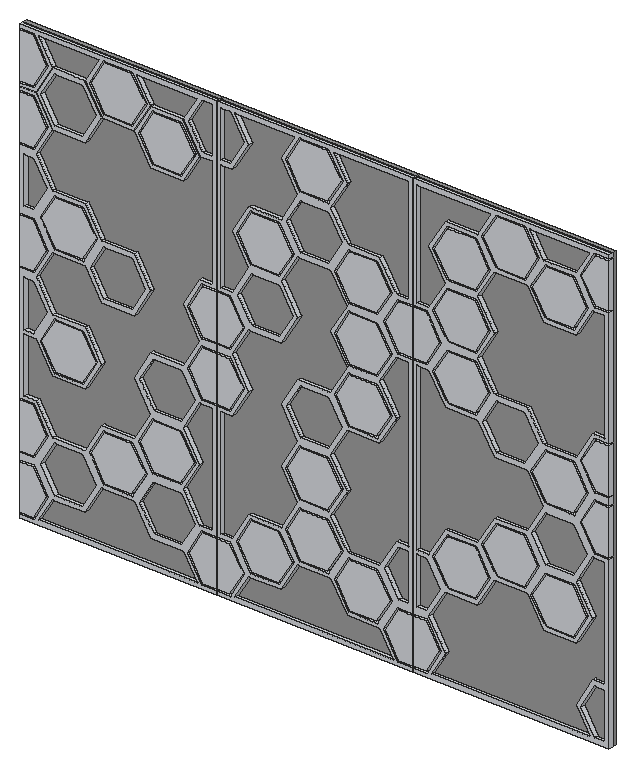
Revit family "SUR-PGL-018_HEX LATTICE_RFA", category Modelos genéricos, Revit 2022 (continued)
Forms (in)
  Extrusion 236, solid, not visible
    sketch origin (0.11662, 0.00149, -1.20924) x (0, 1, 0) y (0, 0, -1)
      loop
        line (0.96881, 1.14538) -> (0.96881, -1.85462) -> (0.65631, -1.85462) -> (0.65631, -2.35462) -> (0.96881, -2.35462) -> (3.48948, -2.35462) -> (3.48948, -0.60462) -> (4.19814, -0.60462) -> (4.19814, -2.35462) -> (9.23948, -2.35462) -> (9.23948, -0.60462) -> (9.94814, -0.60462) -> (9.94814, -2.35462) -> (14.98948, -2.35462) -> (14.98948, -0.60462) -> (15.69814, -0.60462) -> (15.69814, -2.35462) -> (20.73948, -2.35462) -> (20.73948, -0.60462) -> (21.44814, -0.60462) -> (21.44814, -2.35462) -> (24.28131, -2.35462) -> (24.28131, -1.85462) -> (23.96881, -1.85462) -> (23.96881, 1.14538) -> (0.96881, 1.14538)
    from -3.96341 to -3.49097
  Extrusion 237, solid, not visible
    sketch origin (-0.00149, 0.00149, -1.20924) x (0, 1, 0) y (0, 0, -1)
      loop
        line (0.96881, 1.14538) -> (0.96881, -1.85462) -> (0.65631, -1.85462) -> (0.65631, -2.35462) -> (0.96881, -2.35462) -> (3.48948, -2.35462) -> (3.48948, -0.60462) -> (4.19814, -0.60462) -> (4.19814, -2.35462) -> (9.23948, -2.35462) -> (9.23948, -0.60462) -> (9.94814, -0.60462) -> (9.94814, -2.35462) -> (14.98948, -2.35462) -> (14.98948, -0.60462) -> (15.69814, -0.60462) -> (15.69814, -2.35462) -> (20.73948, -2.35462) -> (20.73948, -0.60462) -> (21.44814, -0.60462) -> (21.44814, -2.35462) -> (24.28131, -2.35462) -> (24.28131, -1.85462) -> (23.96881, -1.85462) -> (23.96881, 1.14538) -> (0.96881, 1.14538)
    from -4.19963 to -4.08152
  Extrusion 238, solid, not visible
    sketch origin (0, 0, 0) x (1, 0, 0) y (0, 0, 1)
      loop
        line (0.96881, 0.64538) -> (0.96881, -2.35462) -> (3.48948, -2.35462) -> (3.48948, -0.60462) -> (4.19814, -0.60462) -> (4.19814, -2.35462) -> (9.23948, -2.35462) -> (9.23948, -0.60462) -> (9.94814, -0.60462) -> (9.94814, -2.35462) -> (14.98948, -2.35462) -> (14.98948, -0.60462) -> (15.69814, -0.60462) -> (15.69814, -2.35462) -> (20.73948, -2.35462) -> (20.73948, -0.60462) -> (21.44814, -0.60462) -> (21.44814, -2.35462) -> (23.96881, -2.35462) -> (23.96881, 0.64538) -> (24.28131, 0.64538) -> (24.28131, 1.14538) -> (0.65631, 1.14538) -> (0.65631, 0.64538) -> (0.96881, 0.64538)
    from -3.60908 to -3.49097
  Extrusion 239, solid, not visible
    sketch origin (0, 0, 0) x (1, 0, 0) y (0, 0, 1)
      loop
        line (0.96881, 0.64538) -> (0.96881, -2.35462) -> (3.48948, -2.35462) -> (3.48948, -0.60462) -> (4.19814, -0.60462) -> (4.19814, -2.35462) -> (9.23948, -2.35462) -> (9.23948, -0.60462) -> (9.94814, -0.60462) -> (9.94814, -2.35462) -> (14.98948, -2.35462) -> (14.98948, -0.60462) -> (15.69814, -0.60462) -> (15.69814, -2.35462) -> (20.73948, -2.35462) -> (20.73948, -0.60462) -> (21.44814, -0.60462) -> (21.44814, -2.35462) -> (23.96881, -2.35462) -> (23.96881, 0.64538) -> (24.28131, 0.64538) -> (24.28131, 1.14538) -> (0.65631, 1.14538) -> (0.65631, 0.64538) -> (0.96881, 0.64538)
    from -4.08152 to -3.60908
  Extrusion 240, solid, not visible
    sketch origin (0, 0, 0) x (1, 0, 0) y (0, 0, 1)
      loop
        line (0.96881, 0.64538) -> (0.96881, -2.35462) -> (3.48948, -2.35462) -> (3.48948, -0.60462) -> (4.19814, -0.60462) -> (4.19814, -2.35462) -> (9.23948, -2.35462) -> (9.23948, -0.60462) -> (9.94814, -0.60462) -> (9.94814, -2.35462) -> (14.98948, -2.35462) -> (14.98948, -0.60462) -> (15.69814, -0.60462) -> (15.69814, -2.35462) -> (20.73948, -2.35462) -> (20.73948, -0.60462) -> (21.44814, -0.60462) -> (21.44814, -2.35462) -> (23.96881, -2.35462) -> (23.96881, 0.64538) -> (24.28131, 0.64538) -> (24.28131, 1.14538) -> (0.65631, 1.14538) -> (0.65631, 0.64538) -> (0.96881, 0.64538)
    from -4.19963 to -4.08152
  Extrusion 241, solid, not visible
    sketch origin (0, 0, 0) x (1, 0, 0) y (0, 0, 1)
      loop
        line (0.96881, 0.64538) -> (0.96881, -2.35462) -> (3.48948, -2.35462) -> (3.48948, -0.60462) -> (4.19814, -0.60462) -> (4.19814, -2.35462) -> (9.23948, -2.35462) -> (9.23948, -0.60462) -> (9.94814, -0.60462) -> (9.94814, -2.35462) -> (14.98948, -2.35462) -> (14.98948, -0.60462) -> (15.69814, -0.60462) -> (15.69814, -2.35462) -> (20.73948, -2.35462) -> (20.73948, -0.60462) -> (21.44814, -0.60462) -> (21.44814, -2.35462) -> (23.96881, -2.35462) -> (23.96881, 0.64538) -> (24.28131, 0.64538) -> (24.28131, 1.14538) -> (0.65631, 1.14538) -> (0.65631, 0.64538) -> (0.96881, 0.64538)
    from -9.94963 to -9.83152
  Extrusion 242, solid, not visible
    sketch origin (0, 0, 0) x (1, 0, 0) y (0, 0, 1)
      loop
        line (0.96881, 0.64538) -> (0.96881, -2.35462) -> (3.48948, -2.35462) -> (3.48948, -0.60462) -> (4.19814, -0.60462) -> (4.19814, -2.35462) -> (9.23948, -2.35462) -> (9.23948, -0.60462) -> (9.94814, -0.60462) -> (9.94814, -2.35462) -> (14.98948, -2.35462) -> (14.98948, -0.60462) -> (15.69814, -0.60462) -> (15.69814, -2.35462) -> (20.73948, -2.35462) -> (20.73948, -0.60462) -> (21.44814, -0.60462) -> (21.44814, -2.35462) -> (23.96881, -2.35462) -> (23.96881, 0.64538) -> (24.28131, 0.64538) -> (24.28131, 1.14538) -> (0.65631, 1.14538) -> (0.65631, 0.64538) -> (0.96881, 0.64538)
    from -9.35908 to -9.24097
  Extrusion 243, solid, not visible
    sketch origin (0, 0, 0) x (1, 0, 0) y (0, 0, 1)
      loop
        line (0.96881, 0.64538) -> (0.96881, -2.35462) -> (3.48948, -2.35462) -> (3.48948, -0.60462) -> (4.19814, -0.60462) -> (4.19814, -2.35462) -> (9.23948, -2.35462) -> (9.23948, -0.60462) -> (9.94814, -0.60462) -> (9.94814, -2.35462) -> (14.98948, -2.35462) -> (14.98948, -0.60462) -> (15.69814, -0.60462) -> (15.69814, -2.35462) -> (20.73948, -2.35462) -> (20.73948, -0.60462) -> (21.44814, -0.60462) -> (21.44814, -2.35462) -> (23.96881, -2.35462) -> (23.96881, 0.64538) -> (24.28131, 0.64538) -> (24.28131, 1.14538) -> (0.65631, 1.14538) -> (0.65631, 0.64538) -> (0.96881, 0.64538)
    from -9.83152 to -9.35908
  Extrusion 244, solid, not visible
    sketch origin (0, 0, 0) x (1, 0, 0) y (0, 0, 1)
      loop
        line (0.96881, 0.64538) -> (0.96881, -2.35462) -> (3.48948, -2.35462) -> (3.48948, -0.60462) -> (4.19814, -0.60462) -> (4.19814, -2.35462) -> (9.23948, -2.35462) -> (9.23948, -0.60462) -> (9.94814, -0.60462) -> (9.94814, -2.35462) -> (14.98948, -2.35462) -> (14.98948, -0.60462) -> (15.69814, -0.60462) -> (15.69814, -2.35462) -> (20.73948, -2.35462) -> (20.73948, -0.60462) -> (21.44814, -0.60462) -> (21.44814, -2.35462) -> (23.96881, -2.35462) -> (23.96881, 0.64538) -> (24.28131, 0.64538) -> (24.28131, 1.14538) -> (0.65631, 1.14538) -> (0.65631, 0.64538) -> (0.96881, 0.64538)
    from -15.69963 to -15.58152
  Extrusion 245, solid, not visible
    sketch origin (0, 0, 0) x (1, 0, 0) y (0, 0, 1)
      loop
        line (0.96881, 0.64538) -> (0.96881, -2.35462) -> (3.48948, -2.35462) -> (3.48948, -0.60462) -> (4.19814, -0.60462) -> (4.19814, -2.35462) -> (9.23948, -2.35462) -> (9.23948, -0.60462) -> (9.94814, -0.60462) -> (9.94814, -2.35462) -> (14.98948, -2.35462) -> (14.98948, -0.60462) -> (15.69814, -0.60462) -> (15.69814, -2.35462) -> (20.73948, -2.35462) -> (20.73948, -0.60462) -> (21.44814, -0.60462) -> (21.44814, -2.35462) -> (23.96881, -2.35462) -> (23.96881, 0.64538) -> (24.28131, 0.64538) -> (24.28131, 1.14538) -> (0.65631, 1.14538) -> (0.65631, 0.64538) -> (0.96881, 0.64538)
    from -15.10908 to -14.99097
  Extrusion 246, solid, not visible
    sketch origin (0, 0, 0) x (1, 0, 0) y (0, 0, 1)
      loop
        line (0.96881, 0.64538) -> (0.96881, -2.35462) -> (3.48948, -2.35462) -> (3.48948, -0.60462) -> (4.19814, -0.60462) -> (4.19814, -2.35462) -> (9.23948, -2.35462) -> (9.23948, -0.60462) -> (9.94814, -0.60462) -> (9.94814, -2.35462) -> (14.98948, -2.35462) -> (14.98948, -0.60462) -> (15.69814, -0.60462) -> (15.69814, -2.35462) -> (20.73948, -2.35462) -> (20.73948, -0.60462) -> (21.44814, -0.60462) -> (21.44814, -2.35462) -> (23.96881, -2.35462) -> (23.96881, 0.64538) -> (24.28131, 0.64538) -> (24.28131, 1.14538) -> (0.65631, 1.14538) -> (0.65631, 0.64538) -> (0.96881, 0.64538)
    from -15.58152 to -15.10908
  Extrusion 247, solid, not visible
    sketch origin (0, 0, 0) x (1, 0, 0) y (0, 0, 1)
      loop
        line (0.96881, 0.64538) -> (0.96881, -2.35462) -> (3.48948, -2.35462) -> (3.48948, -0.60462) -> (4.19814, -0.60462) -> (4.19814, -2.35462) -> (9.23948, -2.35462) -> (9.23948, -0.60462) -> (9.94814, -0.60462) -> (9.94814, -2.35462) -> (14.98948, -2.35462) -> (14.98948, -0.60462) -> (15.69814, -0.60462) -> (15.69814, -2.35462) -> (20.73948, -2.35462) -> (20.73948, -0.60462) -> (21.44814, -0.60462) -> (21.44814, -2.35462) -> (23.96881, -2.35462) -> (23.96881, 0.64538) -> (24.28131, 0.64538) -> (24.28131, 1.14538) -> (0.65631, 1.14538) -> (0.65631, 0.64538) -> (0.96881, 0.64538)
    from -21.44963 to -21.33152
  Extrusion 248, solid, not visible
    sketch origin (0, 0, 0) x (1, 0, 0) y (0, 0, 1)
      loop
        line (0.96881, 0.64538) -> (0.96881, -2.35462) -> (3.48948, -2.35462) -> (3.48948, -0.60462) -> (4.19814, -0.60462) -> (4.19814, -2.35462) -> (9.23948, -2.35462) -> (9.23948, -0.60462) -> (9.94814, -0.60462) -> (9.94814, -2.35462) -> (14.98948, -2.35462) -> (14.98948, -0.60462) -> (15.69814, -0.60462) -> (15.69814, -2.35462) -> (20.73948, -2.35462) -> (20.73948, -0.60462) -> (21.44814, -0.60462) -> (21.44814, -2.35462) -> (23.96881, -2.35462) -> (23.96881, 0.64538) -> (24.28131, 0.64538) -> (24.28131, 1.14538) -> (0.65631, 1.14538) -> (0.65631, 0.64538) -> (0.96881, 0.64538)
    from -20.85908 to -20.74097
  Extrusion 249, solid, not visible
    sketch origin (0, 0, 0) x (1, 0, 0) y (0, 0, 1)
      loop
        line (0.96881, 0.64538) -> (0.96881, -2.35462) -> (3.48948, -2.35462) -> (3.48948, -0.60462) -> (4.19814, -0.60462) -> (4.19814, -2.35462) -> (9.23948, -2.35462) -> (9.23948, -0.60462) -> (9.94814, -0.60462) -> (9.94814, -2.35462) -> (14.98948, -2.35462) -> (14.98948, -0.60462) -> (15.69814, -0.60462) -> (15.69814, -2.35462) -> (20.73948, -2.35462) -> (20.73948, -0.60462) -> (21.44814, -0.60462) -> (21.44814, -2.35462) -> (23.96881, -2.35462) -> (23.96881, 0.64538) -> (24.28131, 0.64538) -> (24.28131, 1.14538) -> (0.65631, 1.14538) -> (0.65631, 0.64538) -> (0.96881, 0.64538)
    from -21.33152 to -20.85908
  Extrusion 250, solid, not visible
    sketch origin (-0.00149, 0.00149, -1.20924) x (0, 1, 0) y (0, 0, -1)
      loop
        line (0.96881, 1.14538) -> (0.96881, -1.85462) -> (0.65631, -1.85462) -> (0.65631, -2.35462) -> (0.96881, -2.35462) -> (3.48948, -2.35462) -> (3.48948, -0.60462) -> (4.19814, -0.60462) -> (4.19814, -2.35462) -> (9.23948, -2.35462) -> (9.23948, -0.60462) -> (9.94814, -0.60462) -> (9.94814, -2.35462) -> (14.98948, -2.35462) -> (14.98948, -0.60462) -> (15.69814, -0.60462) -> (15.69814, -2.35462) -> (20.73948, -2.35462) -> (20.73948, -0.60462) -> (21.44814, -0.60462) -> (21.44814, -2.35462) -> (24.28131, -2.35462) -> (24.28131, -1.85462) -> (23.96881, -1.85462) -> (23.96881, 1.14538) -> (0.96881, 1.14538)
    from -3.60908 to -3.49097
  Extrusion 251, solid, not visible
    sketch origin (0.11662, 0.00149, -1.20924) x (0, 1, 0) y (0, 0, -1)
      loop
        line (0.96881, 1.14538) -> (0.96881, -1.85462) -> (0.65631, -1.85462) -> (0.65631, -2.35462) -> (0.96881, -2.35462) -> (3.48948, -2.35462) -> (3.48948, -0.60462) -> (4.19814, -0.60462) -> (4.19814, -2.35462) -> (9.23948, -2.35462) -> (9.23948, -0.60462) -> (9.94814, -0.60462) -> (9.94814, -2.35462) -> (14.98948, -2.35462) -> (14.98948, -0.60462) -> (15.69814, -0.60462) -> (15.69814, -2.35462) -> (20.73948, -2.35462) -> (20.73948, -0.60462) -> (21.44814, -0.60462) -> (21.44814, -2.35462) -> (24.28131, -2.35462) -> (24.28131, -1.85462) -> (23.96881, -1.85462) -> (23.96881, 1.14538) -> (0.96881, 1.14538)
    from -3.96341 to -3.49097
  Extrusion 252, solid, not visible
    sketch origin (-0.00149, 0.00149, -1.20924) x (0, 1, 0) y (0, 0, -1)
      loop
        line (0.96881, 1.14538) -> (0.96881, -1.85462) -> (0.65631, -1.85462) -> (0.65631, -2.35462) -> (0.96881, -2.35462) -> (3.48948, -2.35462) -> (3.48948, -0.60462) -> (4.19814, -0.60462) -> (4.19814, -2.35462) -> (9.23948, -2.35462) -> (9.23948, -0.60462) -> (9.94814, -0.60462) -> (9.94814, -2.35462) -> (14.98948, -2.35462) -> (14.98948, -0.60462) -> (15.69814, -0.60462) -> (15.69814, -2.35462) -> (20.73948, -2.35462) -> (20.73948, -0.60462) -> (21.44814, -0.60462) -> (21.44814, -2.35462) -> (24.28131, -2.35462) -> (24.28131, -1.85462) -> (23.96881, -1.85462) -> (23.96881, 1.14538) -> (0.96881, 1.14538)
    from -4.19963 to -4.08152
  Extrusion 253, solid, not visible
    sketch origin (5.74851, 0.00149, -1.20924) x (0, 1, 0) y (0, 0, -1)
      loop
        line (0.96881, 1.14538) -> (0.96881, -1.85462) -> (0.65631, -1.85462) -> (0.65631, -2.35462) -> (0.96881, -2.35462) -> (3.48948, -2.35462) -> (3.48948, -0.60462) -> (4.19814, -0.60462) -> (4.19814, -2.35462) -> (9.23948, -2.35462) -> (9.23948, -0.60462) -> (9.94814, -0.60462) -> (9.94814, -2.35462) -> (14.98948, -2.35462) -> (14.98948, -0.60462) -> (15.69814, -0.60462) -> (15.69814, -2.35462) -> (20.73948, -2.35462) -> (20.73948, -0.60462) -> (21.44814, -0.60462) -> (21.44814, -2.35462) -> (24.28131, -2.35462) -> (24.28131, -1.85462) -> (23.96881, -1.85462) -> (23.96881, 1.14538) -> (0.96881, 1.14538)
    from -4.19963 to -4.08152
  Extrusion 254, solid, not visible
    sketch origin (5.15796, 0.00149, -1.20924) x (0, 1, 0) y (0, 0, -1)
      loop
        line (0.96881, 1.14538) -> (0.96881, -1.85462) -> (0.65631, -1.85462) -> (0.65631, -2.35462) -> (0.96881, -2.35462) -> (3.48948, -2.35462) -> (3.48948, -0.60462) -> (4.19814, -0.60462) -> (4.19814, -2.35462) -> (9.23948, -2.35462) -> (9.23948, -0.60462) -> (9.94814, -0.60462) -> (9.94814, -2.35462) -> (14.98948, -2.35462) -> (14.98948, -0.60462) -> (15.69814, -0.60462) -> (15.69814, -2.35462) -> (20.73948, -2.35462) -> (20.73948, -0.60462) -> (21.44814, -0.60462) -> (21.44814, -2.35462) -> (24.28131, -2.35462) -> (24.28131, -1.85462) -> (23.96881, -1.85462) -> (23.96881, 1.14538) -> (0.96881, 1.14538)
    from -4.19963 to -4.08152
  Extrusion 255, solid, not visible
    sketch origin (11.49851, 0.00149, -1.20924) x (0, 1, 0) y (0, 0, -1)
      loop
        line (0.96881, 1.14538) -> (0.96881, -1.85462) -> (0.65631, -1.85462) -> (0.65631, -2.35462) -> (0.96881, -2.35462) -> (3.48948, -2.35462) -> (3.48948, -0.60462) -> (4.19814, -0.60462) -> (4.19814, -2.35462) -> (9.23948, -2.35462) -> (9.23948, -0.60462) -> (9.94814, -0.60462) -> (9.94814, -2.35462) -> (14.98948, -2.35462) -> (14.98948, -0.60462) -> (15.69814, -0.60462) -> (15.69814, -2.35462) -> (20.73948, -2.35462) -> (20.73948, -0.60462) -> (21.44814, -0.60462) -> (21.44814, -2.35462) -> (24.28131, -2.35462) -> (24.28131, -1.85462) -> (23.96881, -1.85462) -> (23.96881, 1.14538) -> (0.96881, 1.14538)
    from -4.19963 to -4.08152
  Extrusion 256, solid, not visible
    sketch origin (10.90796, 0.00149, -1.20924) x (0, 1, 0) y (0, 0, -1)
      loop
        line (0.96881, 1.14538) -> (0.96881, -1.85462) -> (0.65631, -1.85462) -> (0.65631, -2.35462) -> (0.96881, -2.35462) -> (3.48948, -2.35462) -> (3.48948, -0.60462) -> (4.19814, -0.60462) -> (4.19814, -2.35462) -> (9.23948, -2.35462) -> (9.23948, -0.60462) -> (9.94814, -0.60462) -> (9.94814, -2.35462) -> (14.98948, -2.35462) -> (14.98948, -0.60462) -> (15.69814, -0.60462) -> (15.69814, -2.35462) -> (20.73948, -2.35462) -> (20.73948, -0.60462) -> (21.44814, -0.60462) -> (21.44814, -2.35462) -> (24.28131, -2.35462) -> (24.28131, -1.85462) -> (23.96881, -1.85462) -> (23.96881, 1.14538) -> (0.96881, 1.14538)
    from -4.19963 to -4.08152
  Extrusion 257, solid, not visible
    sketch origin (16.65796, 0.00149, -1.20924) x (0, 1, 0) y (0, 0, -1)
      loop
        line (0.96881, 1.14538) -> (0.96881, -1.85462) -> (0.65631, -1.85462) -> (0.65631, -2.35462) -> (0.96881, -2.35462) -> (3.48948, -2.35462) -> (3.48948, -0.60462) -> (4.19814, -0.60462) -> (4.19814, -2.35462) -> (9.23948, -2.35462) -> (9.23948, -0.60462) -> (9.94814, -0.60462) -> (9.94814, -2.35462) -> (14.98948, -2.35462) -> (14.98948, -0.60462) -> (15.69814, -0.60462) -> (15.69814, -2.35462) -> (20.73948, -2.35462) -> (20.73948, -0.60462) -> (21.44814, -0.60462) -> (21.44814, -2.35462) -> (24.28131, -2.35462) -> (24.28131, -1.85462) -> (23.96881, -1.85462) -> (23.96881, 1.14538) -> (0.96881, 1.14538)
    from -4.19963 to -4.08152
  Extrusion 258, solid, not visible
    sketch origin (17.24851, 0.00149, -1.20924) x (0, 1, 0) y (0, 0, -1)
      loop
        line (0.96881, 1.14538) -> (0.96881, -1.85462) -> (0.65631, -1.85462) -> (0.65631, -2.35462) -> (0.96881, -2.35462) -> (3.48948, -2.35462) -> (3.48948, -0.60462) -> (4.19814, -0.60462) -> (4.19814, -2.35462) -> (9.23948, -2.35462) -> (9.23948, -0.60462) -> (9.94814, -0.60462) -> (9.94814, -2.35462) -> (14.98948, -2.35462) -> (14.98948, -0.60462) -> (15.69814, -0.60462) -> (15.69814, -2.35462) -> (20.73948, -2.35462) -> (20.73948, -0.60462) -> (21.44814, -0.60462) -> (21.44814, -2.35462) -> (24.28131, -2.35462) -> (24.28131, -1.85462) -> (23.96881, -1.85462) -> (23.96881, 1.14538) -> (0.96881, 1.14538)
    from -4.19963 to -4.08152
  Extrusion 259, solid, not visible
    sketch origin (5.86662, 0.00149, -1.20924) x (0, 1, 0) y (0, 0, -1)
      loop
        line (0.96881, 1.14538) -> (0.96881, -1.85462) -> (0.65631, -1.85462) -> (0.65631, -2.35462) -> (0.96881, -2.35462) -> (3.48948, -2.35462) -> (3.48948, -0.60462) -> (4.19814, -0.60462) -> (4.19814, -2.35462) -> (9.23948, -2.35462) -> (9.23948, -0.60462) -> (9.94814, -0.60462) -> (9.94814, -2.35462) -> (14.98948, -2.35462) -> (14.98948, -0.60462) -> (15.69814, -0.60462) -> (15.69814, -2.35462) -> (20.73948, -2.35462) -> (20.73948, -0.60462) -> (21.44814, -0.60462) -> (21.44814, -2.35462) -> (24.28131, -2.35462) -> (24.28131, -1.85462) -> (23.96881, -1.85462) -> (23.96881, 1.14538) -> (0.96881, 1.14538)
    from -3.96341 to -3.49097
  Extrusion 260, solid, not visible
    sketch origin (11.61662, 0.00149, -1.20924) x (0, 1, 0) y (0, 0, -1)
      loop
        line (0.96881, 1.14538) -> (0.96881, -1.85462) -> (0.65631, -1.85462) -> (0.65631, -2.35462) -> (0.96881, -2.35462) -> (3.48948, -2.35462) -> (3.48948, -0.60462) -> (4.19814, -0.60462) -> (4.19814, -2.35462) -> (9.23948, -2.35462) -> (9.23948, -0.60462) -> (9.94814, -0.60462) -> (9.94814, -2.35462) -> (14.98948, -2.35462) -> (14.98948, -0.60462) -> (15.69814, -0.60462) -> (15.69814, -2.35462) -> (20.73948, -2.35462) -> (20.73948, -0.60462) -> (21.44814, -0.60462) -> (21.44814, -2.35462) -> (24.28131, -2.35462) -> (24.28131, -1.85462) -> (23.96881, -1.85462) -> (23.96881, 1.14538) -> (0.96881, 1.14538)
    from -3.96341 to -3.49097
  Extrusion 261, solid, not visible
    sketch origin (17.36662, 0.00149, -1.20924) x (0, 1, 0) y (0, 0, -1)
      loop
        line (0.96881, 1.14538) -> (0.96881, -1.85462) -> (0.65631, -1.85462) -> (0.65631, -2.35462) -> (0.96881, -2.35462) -> (3.48948, -2.35462) -> (3.48948, -0.60462) -> (4.19814, -0.60462) -> (4.19814, -2.35462) -> (9.23948, -2.35462) -> (9.23948, -0.60462) -> (9.94814, -0.60462) -> (9.94814, -2.35462) -> (14.98948, -2.35462) -> (14.98948, -0.60462) -> (15.69814, -0.60462) -> (15.69814, -2.35462) -> (20.73948, -2.35462) -> (20.73948, -0.60462) -> (21.44814, -0.60462) -> (21.44814, -2.35462) -> (24.28131, -2.35462) -> (24.28131, -1.85462) -> (23.96881, -1.85462) -> (23.96881, 1.14538) -> (0.96881, 1.14538)
    from -3.96341 to -3.49097
  Extrusion 262, solid, not visible
    sketch origin (0, 0, 0) x (1, 0, 0) y (0, 0, 1)
      loop
        line (0.96881, 0.64538) -> (0.96881, -2.35462) -> (3.48948, -2.35462) -> (3.48948, -0.60462) -> (4.19814, -0.60462) -> (4.19814, -2.35462) -> (9.23948, -2.35462) -> (9.23948, -0.60462) -> (9.94814, -0.60462) -> (9.94814, -2.35462) -> (14.98948, -2.35462) -> (14.98948, -0.60462) -> (15.69814, -0.60462) -> (15.69814, -2.35462) -> (20.73948, -2.35462) -> (20.73948, -0.60462) -> (21.44814, -0.60462) -> (21.44814, -2.35462) -> (23.96881, -2.35462) -> (23.96881, 0.64538) -> (24.28131, 0.64538) -> (24.28131, 1.14538) -> (0.65631, 1.14538) -> (0.65631, 0.64538) -> (0.96881, 0.64538)
    from -3.60908 to -3.49097
  Extrusion 263, solid, not visible
    sketch origin (0, 0, 0) x (1, 0, 0) y (0, 0, 1)
      loop
        line (0.96881, 0.64538) -> (0.96881, -2.35462) -> (3.48948, -2.35462) -> (3.48948, -0.60462) -> (4.19814, -0.60462) -> (4.19814, -2.35462) -> (9.23948, -2.35462) -> (9.23948, -0.60462) -> (9.94814, -0.60462) -> (9.94814, -2.35462) -> (14.98948, -2.35462) -> (14.98948, -0.60462) -> (15.69814, -0.60462) -> (15.69814, -2.35462) -> (20.73948, -2.35462) -> (20.73948, -0.60462) -> (21.44814, -0.60462) -> (21.44814, -2.35462) -> (23.96881, -2.35462) -> (23.96881, 0.64538) -> (24.28131, 0.64538) -> (24.28131, 1.14538) -> (0.65631, 1.14538) -> (0.65631, 0.64538) -> (0.96881, 0.64538)
    from -4.08152 to -3.60908
  Extrusion 264, solid, not visible
    sketch origin (0, 0, 0) x (1, 0, 0) y (0, 0, 1)
      loop
        line (0.96881, 0.64538) -> (0.96881, -2.35462) -> (3.48948, -2.35462) -> (3.48948, -0.60462) -> (4.19814, -0.60462) -> (4.19814, -2.35462) -> (9.23948, -2.35462) -> (9.23948, -0.60462) -> (9.94814, -0.60462) -> (9.94814, -2.35462) -> (14.98948, -2.35462) -> (14.98948, -0.60462) -> (15.69814, -0.60462) -> (15.69814, -2.35462) -> (20.73948, -2.35462) -> (20.73948, -0.60462) -> (21.44814, -0.60462) -> (21.44814, -2.35462) -> (23.96881, -2.35462) -> (23.96881, 0.64538) -> (24.28131, 0.64538) -> (24.28131, 1.14538) -> (0.65631, 1.14538) -> (0.65631, 0.64538) -> (0.96881, 0.64538)
    from -4.19963 to -4.08152
  Extrusion 265, solid, not visible
    sketch origin (-0.00149, 0.00149, -1.20924) x (0, 1, 0) y (0, 0, -1)
      loop
        line (0.96881, 1.14538) -> (0.96881, -1.85462) -> (0.65631, -1.85462) -> (0.65631, -2.35462) -> (0.96881, -2.35462) -> (3.48948, -2.35462) -> (3.48948, -0.60462) -> (4.19814, -0.60462) -> (4.19814, -2.35462) -> (9.23948, -2.35462) -> (9.23948, -0.60462) -> (9.94814, -0.60462) -> (9.94814, -2.35462) -> (14.98948, -2.35462) -> (14.98948, -0.60462) -> (15.69814, -0.60462) -> (15.69814, -2.35462) -> (20.73948, -2.35462) -> (20.73948, -0.60462) -> (21.44814, -0.60462) -> (21.44814, -2.35462) -> (24.28131, -2.35462) -> (24.28131, -1.85462) -> (23.96881, -1.85462) -> (23.96881, 1.14538) -> (0.96881, 1.14538)
    from -3.60908 to -3.49097
  Extrusion 266, solid, not visible
    sketch origin (0.11662, 0.00149, -1.20924) x (0, 1, 0) y (0, 0, -1)
      loop
        line (0.96881, 1.14538) -> (0.96881, -1.85462) -> (0.65631, -1.85462) -> (0.65631, -2.35462) -> (0.96881, -2.35462) -> (3.48948, -2.35462) -> (3.48948, -0.60462) -> (4.19814, -0.60462) -> (4.19814, -2.35462) -> (9.23948, -2.35462) -> (9.23948, -0.60462) -> (9.94814, -0.60462) -> (9.94814, -2.35462) -> (14.98948, -2.35462) -> (14.98948, -0.60462) -> (15.69814, -0.60462) -> (15.69814, -2.35462) -> (20.73948, -2.35462) -> (20.73948, -0.60462) -> (21.44814, -0.60462) -> (21.44814, -2.35462) -> (24.28131, -2.35462) -> (24.28131, -1.85462) -> (23.96881, -1.85462) -> (23.96881, 1.14538) -> (0.96881, 1.14538)
    from -3.96341 to -3.49097
  Extrusion 267, solid, not visible
    sketch origin (-0.00149, 0.00149, -1.20924) x (0, 1, 0) y (0, 0, -1)
      loop
        line (0.96881, 1.14538) -> (0.96881, -1.85462) -> (0.65631, -1.85462) -> (0.65631, -2.35462) -> (0.96881, -2.35462) -> (3.48948, -2.35462) -> (3.48948, -0.60462) -> (4.19814, -0.60462) -> (4.19814, -2.35462) -> (9.23948, -2.35462) -> (9.23948, -0.60462) -> (9.94814, -0.60462) -> (9.94814, -2.35462) -> (14.98948, -2.35462) -> (14.98948, -0.60462) -> (15.69814, -0.60462) -> (15.69814, -2.35462) -> (20.73948, -2.35462) -> (20.73948, -0.60462) -> (21.44814, -0.60462) -> (21.44814, -2.35462) -> (24.28131, -2.35462) -> (24.28131, -1.85462) -> (23.96881, -1.85462) -> (23.96881, 1.14538) -> (0.96881, 1.14538)
    from -4.19963 to -4.08152
  Extrusion 268, solid, not visible
    sketch origin (0, 0, 0) x (1, 0, 0) y (0, 0, 1)
      loop
        line (0.96881, 0.64538) -> (0.96881, -2.35462) -> (3.48948, -2.35462) -> (3.48948, -0.60462) -> (4.19814, -0.60462) -> (4.19814, -2.35462) -> (9.23948, -2.35462) -> (9.23948, -0.60462) -> (9.94814, -0.60462) -> (9.94814, -2.35462) -> (14.98948, -2.35462) -> (14.98948, -0.60462) -> (15.69814, -0.60462) -> (15.69814, -2.35462) -> (20.73948, -2.35462) -> (20.73948, -0.60462) -> (21.44814, -0.60462) -> (21.44814, -2.35462) -> (23.96881, -2.35462) -> (23.96881, 0.64538) -> (24.28131, 0.64538) -> (24.28131, 1.14538) -> (0.65631, 1.14538) -> (0.65631, 0.64538) -> (0.96881, 0.64538)
    from -9.94963 to -9.83152
  Extrusion 269, solid, not visible
    sketch origin (0, 0, 0) x (1, 0, 0) y (0, 0, 1)
      loop
        line (0.96881, 0.64538) -> (0.96881, -2.35462) -> (3.48948, -2.35462) -> (3.48948, -0.60462) -> (4.19814, -0.60462) -> (4.19814, -2.35462) -> (9.23948, -2.35462) -> (9.23948, -0.60462) -> (9.94814, -0.60462) -> (9.94814, -2.35462) -> (14.98948, -2.35462) -> (14.98948, -0.60462) -> (15.69814, -0.60462) -> (15.69814, -2.35462) -> (20.73948, -2.35462) -> (20.73948, -0.60462) -> (21.44814, -0.60462) -> (21.44814, -2.35462) -> (23.96881, -2.35462) -> (23.96881, 0.64538) -> (24.28131, 0.64538) -> (24.28131, 1.14538) -> (0.65631, 1.14538) -> (0.65631, 0.64538) -> (0.96881, 0.64538)
    from -9.35908 to -9.24097
  Extrusion 270, solid, not visible
    sketch origin (0, 0, 0) x (1, 0, 0) y (0, 0, 1)
      loop
        line (0.96881, 0.64538) -> (0.96881, -2.35462) -> (3.48948, -2.35462) -> (3.48948, -0.60462) -> (4.19814, -0.60462) -> (4.19814, -2.35462) -> (9.23948, -2.35462) -> (9.23948, -0.60462) -> (9.94814, -0.60462) -> (9.94814, -2.35462) -> (14.98948, -2.35462) -> (14.98948, -0.60462) -> (15.69814, -0.60462) -> (15.69814, -2.35462) -> (20.73948, -2.35462) -> (20.73948, -0.60462) -> (21.44814, -0.60462) -> (21.44814, -2.35462) -> (23.96881, -2.35462) -> (23.96881, 0.64538) -> (24.28131, 0.64538) -> (24.28131, 1.14538) -> (0.65631, 1.14538) -> (0.65631, 0.64538) -> (0.96881, 0.64538)
    from -9.83152 to -9.35908
  Extrusion 271, solid, not visible
    sketch origin (0, 0, 0) x (1, 0, 0) y (0, 0, 1)
      loop
        line (0.96881, 0.64538) -> (0.96881, -2.35462) -> (3.48948, -2.35462) -> (3.48948, -0.60462) -> (4.19814, -0.60462) -> (4.19814, -2.35462) -> (9.23948, -2.35462) -> (9.23948, -0.60462) -> (9.94814, -0.60462) -> (9.94814, -2.35462) -> (14.98948, -2.35462) -> (14.98948, -0.60462) -> (15.69814, -0.60462) -> (15.69814, -2.35462) -> (20.73948, -2.35462) -> (20.73948, -0.60462) -> (21.44814, -0.60462) -> (21.44814, -2.35462) -> (23.96881, -2.35462) -> (23.96881, 0.64538) -> (24.28131, 0.64538) -> (24.28131, 1.14538) -> (0.65631, 1.14538) -> (0.65631, 0.64538) -> (0.96881, 0.64538)
    from -15.69963 to -15.58152
  Extrusion 272, solid, not visible
    sketch origin (0, 0, 0) x (1, 0, 0) y (0, 0, 1)
      loop
        line (0.96881, 0.64538) -> (0.96881, -2.35462) -> (3.48948, -2.35462) -> (3.48948, -0.60462) -> (4.19814, -0.60462) -> (4.19814, -2.35462) -> (9.23948, -2.35462) -> (9.23948, -0.60462) -> (9.94814, -0.60462) -> (9.94814, -2.35462) -> (14.98948, -2.35462) -> (14.98948, -0.60462) -> (15.69814, -0.60462) -> (15.69814, -2.35462) -> (20.73948, -2.35462) -> (20.73948, -0.60462) -> (21.44814, -0.60462) -> (21.44814, -2.35462) -> (23.96881, -2.35462) -> (23.96881, 0.64538) -> (24.28131, 0.64538) -> (24.28131, 1.14538) -> (0.65631, 1.14538) -> (0.65631, 0.64538) -> (0.96881, 0.64538)
    from -15.10908 to -14.99097
  Extrusion 273, solid, not visible
    sketch origin (0, 0, 0) x (1, 0, 0) y (0, 0, 1)
      loop
        line (0.96881, 0.64538) -> (0.96881, -2.35462) -> (3.48948, -2.35462) -> (3.48948, -0.60462) -> (4.19814, -0.60462) -> (4.19814, -2.35462) -> (9.23948, -2.35462) -> (9.23948, -0.60462) -> (9.94814, -0.60462) -> (9.94814, -2.35462) -> (14.98948, -2.35462) -> (14.98948, -0.60462) -> (15.69814, -0.60462) -> (15.69814, -2.35462) -> (20.73948, -2.35462) -> (20.73948, -0.60462) -> (21.44814, -0.60462) -> (21.44814, -2.35462) -> (23.96881, -2.35462) -> (23.96881, 0.64538) -> (24.28131, 0.64538) -> (24.28131, 1.14538) -> (0.65631, 1.14538) -> (0.65631, 0.64538) -> (0.96881, 0.64538)
    from -15.58152 to -15.10908
  Extrusion 274, solid, not visible
    sketch origin (0, 0, 0) x (1, 0, 0) y (0, 0, 1)
      loop
        line (0.96881, 0.64538) -> (0.96881, -2.35462) -> (3.48948, -2.35462) -> (3.48948, -0.60462) -> (4.19814, -0.60462) -> (4.19814, -2.35462) -> (9.23948, -2.35462) -> (9.23948, -0.60462) -> (9.94814, -0.60462) -> (9.94814, -2.35462) -> (14.98948, -2.35462) -> (14.98948, -0.60462) -> (15.69814, -0.60462) -> (15.69814, -2.35462) -> (20.73948, -2.35462) -> (20.73948, -0.60462) -> (21.44814, -0.60462) -> (21.44814, -2.35462) -> (23.96881, -2.35462) -> (23.96881, 0.64538) -> (24.28131, 0.64538) -> (24.28131, 1.14538) -> (0.65631, 1.14538) -> (0.65631, 0.64538) -> (0.96881, 0.64538)
    from -21.44963 to -21.33152
  Extrusion 275, solid, not visible
    sketch origin (0, 0, 0) x (1, 0, 0) y (0, 0, 1)
      loop
        line (0.96881, 0.64538) -> (0.96881, -2.35462) -> (3.48948, -2.35462) -> (3.48948, -0.60462) -> (4.19814, -0.60462) -> (4.19814, -2.35462) -> (9.23948, -2.35462) -> (9.23948, -0.60462) -> (9.94814, -0.60462) -> (9.94814, -2.35462) -> (14.98948, -2.35462) -> (14.98948, -0.60462) -> (15.69814, -0.60462) -> (15.69814, -2.35462) -> (20.73948, -2.35462) -> (20.73948, -0.60462) -> (21.44814, -0.60462) -> (21.44814, -2.35462) -> (23.96881, -2.35462) -> (23.96881, 0.64538) -> (24.28131, 0.64538) -> (24.28131, 1.14538) -> (0.65631, 1.14538) -> (0.65631, 0.64538) -> (0.96881, 0.64538)
    from -20.85908 to -20.74097
  Extrusion 276, solid, not visible
    sketch origin (0, 0, 0) x (1, 0, 0) y (0, 0, 1)
      loop
        line (0.96881, 0.64538) -> (0.96881, -2.35462) -> (3.48948, -2.35462) -> (3.48948, -0.60462) -> (4.19814, -0.60462) -> (4.19814, -2.35462) -> (9.23948, -2.35462) -> (9.23948, -0.60462) -> (9.94814, -0.60462) -> (9.94814, -2.35462) -> (14.98948, -2.35462) -> (14.98948, -0.60462) -> (15.69814, -0.60462) -> (15.69814, -2.35462) -> (20.73948, -2.35462) -> (20.73948, -0.60462) -> (21.44814, -0.60462) -> (21.44814, -2.35462) -> (23.96881, -2.35462) -> (23.96881, 0.64538) -> (24.28131, 0.64538) -> (24.28131, 1.14538) -> (0.65631, 1.14538) -> (0.65631, 0.64538) -> (0.96881, 0.64538)
    from -21.33152 to -20.85908
  Extrusion 277, solid, not visible
    sketch origin (5.74851, 0.00149, -1.20924) x (0, 1, 0) y (0, 0, -1)
      loop
        line (0.96881, 1.14538) -> (0.96881, -1.85462) -> (0.65631, -1.85462) -> (0.65631, -2.35462) -> (0.96881, -2.35462) -> (3.48948, -2.35462) -> (3.48948, -0.60462) -> (4.19814, -0.60462) -> (4.19814, -2.35462) -> (9.23948, -2.35462) -> (9.23948, -0.60462) -> (9.94814, -0.60462) -> (9.94814, -2.35462) -> (14.98948, -2.35462) -> (14.98948, -0.60462) -> (15.69814, -0.60462) -> (15.69814, -2.35462) -> (20.73948, -2.35462) -> (20.73948, -0.60462) -> (21.44814, -0.60462) -> (21.44814, -2.35462) -> (24.28131, -2.35462) -> (24.28131, -1.85462) -> (23.96881, -1.85462) -> (23.96881, 1.14538) -> (0.96881, 1.14538)
    from -4.19963 to -4.08152
  Extrusion 278, solid, not visible
    sketch origin (5.15796, 0.00149, -1.20924) x (0, 1, 0) y (0, 0, -1)
      loop
        line (0.96881, 1.14538) -> (0.96881, -1.85462) -> (0.65631, -1.85462) -> (0.65631, -2.35462) -> (0.96881, -2.35462) -> (3.48948, -2.35462) -> (3.48948, -0.60462) -> (4.19814, -0.60462) -> (4.19814, -2.35462) -> (9.23948, -2.35462) -> (9.23948, -0.60462) -> (9.94814, -0.60462) -> (9.94814, -2.35462) -> (14.98948, -2.35462) -> (14.98948, -0.60462) -> (15.69814, -0.60462) -> (15.69814, -2.35462) -> (20.73948, -2.35462) -> (20.73948, -0.60462) -> (21.44814, -0.60462) -> (21.44814, -2.35462) -> (24.28131, -2.35462) -> (24.28131, -1.85462) -> (23.96881, -1.85462) -> (23.96881, 1.14538) -> (0.96881, 1.14538)
    from -4.19963 to -4.08152
  Extrusion 279, solid, not visible
    sketch origin (11.49851, 0.00149, -1.20924) x (0, 1, 0) y (0, 0, -1)
      loop
        line (0.96881, 1.14538) -> (0.96881, -1.85462) -> (0.65631, -1.85462) -> (0.65631, -2.35462) -> (0.96881, -2.35462) -> (3.48948, -2.35462) -> (3.48948, -0.60462) -> (4.19814, -0.60462) -> (4.19814, -2.35462) -> (9.23948, -2.35462) -> (9.23948, -0.60462) -> (9.94814, -0.60462) -> (9.94814, -2.35462) -> (14.98948, -2.35462) -> (14.98948, -0.60462) -> (15.69814, -0.60462) -> (15.69814, -2.35462) -> (20.73948, -2.35462) -> (20.73948, -0.60462) -> (21.44814, -0.60462) -> (21.44814, -2.35462) -> (24.28131, -2.35462) -> (24.28131, -1.85462) -> (23.96881, -1.85462) -> (23.96881, 1.14538) -> (0.96881, 1.14538)
    from -4.19963 to -4.08152
  Extrusion 280, solid, not visible
    sketch origin (10.90796, 0.00149, -1.20924) x (0, 1, 0) y (0, 0, -1)
      loop
        line (0.96881, 1.14538) -> (0.96881, -1.85462) -> (0.65631, -1.85462) -> (0.65631, -2.35462) -> (0.96881, -2.35462) -> (3.48948, -2.35462) -> (3.48948, -0.60462) -> (4.19814, -0.60462) -> (4.19814, -2.35462) -> (9.23948, -2.35462) -> (9.23948, -0.60462) -> (9.94814, -0.60462) -> (9.94814, -2.35462) -> (14.98948, -2.35462) -> (14.98948, -0.60462) -> (15.69814, -0.60462) -> (15.69814, -2.35462) -> (20.73948, -2.35462) -> (20.73948, -0.60462) -> (21.44814, -0.60462) -> (21.44814, -2.35462) -> (24.28131, -2.35462) -> (24.28131, -1.85462) -> (23.96881, -1.85462) -> (23.96881, 1.14538) -> (0.96881, 1.14538)
    from -4.19963 to -4.08152
  Extrusion 281, solid, not visible
    sketch origin (16.65796, 0.00149, -1.20924) x (0, 1, 0) y (0, 0, -1)
      loop
        line (0.96881, 1.14538) -> (0.96881, -1.85462) -> (0.65631, -1.85462) -> (0.65631, -2.35462) -> (0.96881, -2.35462) -> (3.48948, -2.35462) -> (3.48948, -0.60462) -> (4.19814, -0.60462) -> (4.19814, -2.35462) -> (9.23948, -2.35462) -> (9.23948, -0.60462) -> (9.94814, -0.60462) -> (9.94814, -2.35462) -> (14.98948, -2.35462) -> (14.98948, -0.60462) -> (15.69814, -0.60462) -> (15.69814, -2.35462) -> (20.73948, -2.35462) -> (20.73948, -0.60462) -> (21.44814, -0.60462) -> (21.44814, -2.35462) -> (24.28131, -2.35462) -> (24.28131, -1.85462) -> (23.96881, -1.85462) -> (23.96881, 1.14538) -> (0.96881, 1.14538)
    from -4.19963 to -4.08152
  Extrusion 282, solid, not visible
    sketch origin (17.24851, 0.00149, -1.20924) x (0, 1, 0) y (0, 0, -1)
      loop
        line (0.96881, 1.14538) -> (0.96881, -1.85462) -> (0.65631, -1.85462) -> (0.65631, -2.35462) -> (0.96881, -2.35462) -> (3.48948, -2.35462) -> (3.48948, -0.60462) -> (4.19814, -0.60462) -> (4.19814, -2.35462) -> (9.23948, -2.35462) -> (9.23948, -0.60462) -> (9.94814, -0.60462) -> (9.94814, -2.35462) -> (14.98948, -2.35462) -> (14.98948, -0.60462) -> (15.69814, -0.60462) -> (15.69814, -2.35462) -> (20.73948, -2.35462) -> (20.73948, -0.60462) -> (21.44814, -0.60462) -> (21.44814, -2.35462) -> (24.28131, -2.35462) -> (24.28131, -1.85462) -> (23.96881, -1.85462) -> (23.96881, 1.14538) -> (0.96881, 1.14538)
    from -4.19963 to -4.08152
  Extrusion 283, solid, not visible
    sketch origin (5.86662, 0.00149, -1.20924) x (0, 1, 0) y (0, 0, -1)
      loop
        line (0.96881, 1.14538) -> (0.96881, -1.85462) -> (0.65631, -1.85462) -> (0.65631, -2.35462) -> (0.96881, -2.35462) -> (3.48948, -2.35462) -> (3.48948, -0.60462) -> (4.19814, -0.60462) -> (4.19814, -2.35462) -> (9.23948, -2.35462) -> (9.23948, -0.60462) -> (9.94814, -0.60462) -> (9.94814, -2.35462) -> (14.98948, -2.35462) -> (14.98948, -0.60462) -> (15.69814, -0.60462) -> (15.69814, -2.35462) -> (20.73948, -2.35462) -> (20.73948, -0.60462) -> (21.44814, -0.60462) -> (21.44814, -2.35462) -> (24.28131, -2.35462) -> (24.28131, -1.85462) -> (23.96881, -1.85462) -> (23.96881, 1.14538) -> (0.96881, 1.14538)
    from -3.96341 to -3.49097
  Extrusion 284, solid, not visible
    sketch origin (11.61662, 0.00149, -1.20924) x (0, 1, 0) y (0, 0, -1)
      loop
        line (0.96881, 1.14538) -> (0.96881, -1.85462) -> (0.65631, -1.85462) -> (0.65631, -2.35462) -> (0.96881, -2.35462) -> (3.48948, -2.35462) -> (3.48948, -0.60462) -> (4.19814, -0.60462) -> (4.19814, -2.35462) -> (9.23948, -2.35462) -> (9.23948, -0.60462) -> (9.94814, -0.60462) -> (9.94814, -2.35462) -> (14.98948, -2.35462) -> (14.98948, -0.60462) -> (15.69814, -0.60462) -> (15.69814, -2.35462) -> (20.73948, -2.35462) -> (20.73948, -0.60462) -> (21.44814, -0.60462) -> (21.44814, -2.35462) -> (24.28131, -2.35462) -> (24.28131, -1.85462) -> (23.96881, -1.85462) -> (23.96881, 1.14538) -> (0.96881, 1.14538)
    from -3.96341 to -3.49097
  Extrusion 285, solid, not visible
    sketch origin (17.36662, 0.00149, -1.20924) x (0, 1, 0) y (0, 0, -1)
      loop
        line (0.96881, 1.14538) -> (0.96881, -1.85462) -> (0.65631, -1.85462) -> (0.65631, -2.35462) -> (0.96881, -2.35462) -> (3.48948, -2.35462) -> (3.48948, -0.60462) -> (4.19814, -0.60462) -> (4.19814, -2.35462) -> (9.23948, -2.35462) -> (9.23948, -0.60462) -> (9.94814, -0.60462) -> (9.94814, -2.35462) -> (14.98948, -2.35462) -> (14.98948, -0.60462) -> (15.69814, -0.60462) -> (15.69814, -2.35462) -> (20.73948, -2.35462) -> (20.73948, -0.60462) -> (21.44814, -0.60462) -> (21.44814, -2.35462) -> (24.28131, -2.35462) -> (24.28131, -1.85462) -> (23.96881, -1.85462) -> (23.96881, 1.14538) -> (0.96881, 1.14538)
    from -3.96341 to -3.49097
  Extrusion 286, solid, not visible
    sketch origin (-44, 0, 0) x (1, 0, 0) y (0, 0, 1)
      loop
        line (0.96881, 0.64538) -> (0.96881, -2.35462) -> (3.48948, -2.35462) -> (3.48948, -0.60462) -> (4.19814, -0.60462) -> (4.19814, -2.35462) -> (9.23948, -2.35462) -> (9.23948, -0.60462) -> (9.94814, -0.60462) -> (9.94814, -2.35462) -> (14.98948, -2.35462) -> (14.98948, -0.60462) -> (15.69814, -0.60462) -> (15.69814, -2.35462) -> (20.73948, -2.35462) -> (20.73948, -0.60462) -> (21.44814, -0.60462) -> (21.44814, -2.35462) -> (23.96881, -2.35462) -> (23.96881, 0.64538) -> (24.28131, 0.64538) -> (24.28131, 1.14538) -> (0.65631, 1.14538) -> (0.65631, 0.64538) -> (0.96881, 0.64538)
    from -3.60908 to -3.49097
  Extrusion 287, solid, not visible
    sketch origin (-44, 0, 0) x (1, 0, 0) y (0, 0, 1)
      loop
        line (0.96881, 0.64538) -> (0.96881, -2.35462) -> (3.48948, -2.35462) -> (3.48948, -0.60462) -> (4.19814, -0.60462) -> (4.19814, -2.35462) -> (9.23948, -2.35462) -> (9.23948, -0.60462) -> (9.94814, -0.60462) -> (9.94814, -2.35462) -> (14.98948, -2.35462) -> (14.98948, -0.60462) -> (15.69814, -0.60462) -> (15.69814, -2.35462) -> (20.73948, -2.35462) -> (20.73948, -0.60462) -> (21.44814, -0.60462) -> (21.44814, -2.35462) -> (23.96881, -2.35462) -> (23.96881, 0.64538) -> (24.28131, 0.64538) -> (24.28131, 1.14538) -> (0.65631, 1.14538) -> (0.65631, 0.64538) -> (0.96881, 0.64538)
    from -4.08152 to -3.60908
  Extrusion 288, solid, not visible
    sketch origin (-44, 0, 0) x (1, 0, 0) y (0, 0, 1)
      loop
        line (0.96881, 0.64538) -> (0.96881, -2.35462) -> (3.48948, -2.35462) -> (3.48948, -0.60462) -> (4.19814, -0.60462) -> (4.19814, -2.35462) -> (9.23948, -2.35462) -> (9.23948, -0.60462) -> (9.94814, -0.60462) -> (9.94814, -2.35462) -> (14.98948, -2.35462) -> (14.98948, -0.60462) -> (15.69814, -0.60462) -> (15.69814, -2.35462) -> (20.73948, -2.35462) -> (20.73948, -0.60462) -> (21.44814, -0.60462) -> (21.44814, -2.35462) -> (23.96881, -2.35462) -> (23.96881, 0.64538) -> (24.28131, 0.64538) -> (24.28131, 1.14538) -> (0.65631, 1.14538) -> (0.65631, 0.64538) -> (0.96881, 0.64538)
    from -4.19963 to -4.08152
  Extrusion 289, solid, not visible
    sketch origin (-44, 0, 0) x (1, 0, 0) y (0, 0, 1)
      loop
        line (0.96881, 0.64538) -> (0.96881, -2.35462) -> (3.48948, -2.35462) -> (3.48948, -0.60462) -> (4.19814, -0.60462) -> (4.19814, -2.35462) -> (9.23948, -2.35462) -> (9.23948, -0.60462) -> (9.94814, -0.60462) -> (9.94814, -2.35462) -> (14.98948, -2.35462) -> (14.98948, -0.60462) -> (15.69814, -0.60462) -> (15.69814, -2.35462) -> (20.73948, -2.35462) -> (20.73948, -0.60462) -> (21.44814, -0.60462) -> (21.44814, -2.35462) -> (23.96881, -2.35462) -> (23.96881, 0.64538) -> (24.28131, 0.64538) -> (24.28131, 1.14538) -> (0.65631, 1.14538) -> (0.65631, 0.64538) -> (0.96881, 0.64538)
    from -9.94963 to -9.83152
  Extrusion 290, solid, not visible
    sketch origin (-44, 0, 0) x (1, 0, 0) y (0, 0, 1)
      loop
        line (0.96881, 0.64538) -> (0.96881, -2.35462) -> (3.48948, -2.35462) -> (3.48948, -0.60462) -> (4.19814, -0.60462) -> (4.19814, -2.35462) -> (9.23948, -2.35462) -> (9.23948, -0.60462) -> (9.94814, -0.60462) -> (9.94814, -2.35462) -> (14.98948, -2.35462) -> (14.98948, -0.60462) -> (15.69814, -0.60462) -> (15.69814, -2.35462) -> (20.73948, -2.35462) -> (20.73948, -0.60462) -> (21.44814, -0.60462) -> (21.44814, -2.35462) -> (23.96881, -2.35462) -> (23.96881, 0.64538) -> (24.28131, 0.64538) -> (24.28131, 1.14538) -> (0.65631, 1.14538) -> (0.65631, 0.64538) -> (0.96881, 0.64538)
    from -9.35908 to -9.24097
  Extrusion 291, solid, not visible
    sketch origin (-44, 0, 0) x (1, 0, 0) y (0, 0, 1)
      loop
        line (0.96881, 0.64538) -> (0.96881, -2.35462) -> (3.48948, -2.35462) -> (3.48948, -0.60462) -> (4.19814, -0.60462) -> (4.19814, -2.35462) -> (9.23948, -2.35462) -> (9.23948, -0.60462) -> (9.94814, -0.60462) -> (9.94814, -2.35462) -> (14.98948, -2.35462) -> (14.98948, -0.60462) -> (15.69814, -0.60462) -> (15.69814, -2.35462) -> (20.73948, -2.35462) -> (20.73948, -0.60462) -> (21.44814, -0.60462) -> (21.44814, -2.35462) -> (23.96881, -2.35462) -> (23.96881, 0.64538) -> (24.28131, 0.64538) -> (24.28131, 1.14538) -> (0.65631, 1.14538) -> (0.65631, 0.64538) -> (0.96881, 0.64538)
    from -9.83152 to -9.35908
  Extrusion 292, solid, not visible
    sketch origin (-44, 0, 0) x (1, 0, 0) y (0, 0, 1)
      loop
        line (0.96881, 0.64538) -> (0.96881, -2.35462) -> (3.48948, -2.35462) -> (3.48948, -0.60462) -> (4.19814, -0.60462) -> (4.19814, -2.35462) -> (9.23948, -2.35462) -> (9.23948, -0.60462) -> (9.94814, -0.60462) -> (9.94814, -2.35462) -> (14.98948, -2.35462) -> (14.98948, -0.60462) -> (15.69814, -0.60462) -> (15.69814, -2.35462) -> (20.73948, -2.35462) -> (20.73948, -0.60462) -> (21.44814, -0.60462) -> (21.44814, -2.35462) -> (23.96881, -2.35462) -> (23.96881, 0.64538) -> (24.28131, 0.64538) -> (24.28131, 1.14538) -> (0.65631, 1.14538) -> (0.65631, 0.64538) -> (0.96881, 0.64538)
    from -15.69963 to -15.58152
  Extrusion 293, solid, not visible
    sketch origin (-44, 0, 0) x (1, 0, 0) y (0, 0, 1)
      loop
        line (0.96881, 0.64538) -> (0.96881, -2.35462) -> (3.48948, -2.35462) -> (3.48948, -0.60462) -> (4.19814, -0.60462) -> (4.19814, -2.35462) -> (9.23948, -2.35462) -> (9.23948, -0.60462) -> (9.94814, -0.60462) -> (9.94814, -2.35462) -> (14.98948, -2.35462) -> (14.98948, -0.60462) -> (15.69814, -0.60462) -> (15.69814, -2.35462) -> (20.73948, -2.35462) -> (20.73948, -0.60462) -> (21.44814, -0.60462) -> (21.44814, -2.35462) -> (23.96881, -2.35462) -> (23.96881, 0.64538) -> (24.28131, 0.64538) -> (24.28131, 1.14538) -> (0.65631, 1.14538) -> (0.65631, 0.64538) -> (0.96881, 0.64538)
    from -15.10908 to -14.99097
  Extrusion 294, solid, not visible
    sketch origin (-44, 0, 0) x (1, 0, 0) y (0, 0, 1)
      loop
        line (0.96881, 0.64538) -> (0.96881, -2.35462) -> (3.48948, -2.35462) -> (3.48948, -0.60462) -> (4.19814, -0.60462) -> (4.19814, -2.35462) -> (9.23948, -2.35462) -> (9.23948, -0.60462) -> (9.94814, -0.60462) -> (9.94814, -2.35462) -> (14.98948, -2.35462) -> (14.98948, -0.60462) -> (15.69814, -0.60462) -> (15.69814, -2.35462) -> (20.73948, -2.35462) -> (20.73948, -0.60462) -> (21.44814, -0.60462) -> (21.44814, -2.35462) -> (23.96881, -2.35462) -> (23.96881, 0.64538) -> (24.28131, 0.64538) -> (24.28131, 1.14538) -> (0.65631, 1.14538) -> (0.65631, 0.64538) -> (0.96881, 0.64538)
    from -15.58152 to -15.10908
  Extrusion 295, solid, not visible
    sketch origin (-44, 0, 0) x (1, 0, 0) y (0, 0, 1)
      loop
        line (0.96881, 0.64538) -> (0.96881, -2.35462) -> (3.48948, -2.35462) -> (3.48948, -0.60462) -> (4.19814, -0.60462) -> (4.19814, -2.35462) -> (9.23948, -2.35462) -> (9.23948, -0.60462) -> (9.94814, -0.60462) -> (9.94814, -2.35462) -> (14.98948, -2.35462) -> (14.98948, -0.60462) -> (15.69814, -0.60462) -> (15.69814, -2.35462) -> (20.73948, -2.35462) -> (20.73948, -0.60462) -> (21.44814, -0.60462) -> (21.44814, -2.35462) -> (23.96881, -2.35462) -> (23.96881, 0.64538) -> (24.28131, 0.64538) -> (24.28131, 1.14538) -> (0.65631, 1.14538) -> (0.65631, 0.64538) -> (0.96881, 0.64538)
    from -21.44963 to -21.33152
  Extrusion 296, solid, not visible
    sketch origin (-44, 0, 0) x (1, 0, 0) y (0, 0, 1)
      loop
        line (0.96881, 0.64538) -> (0.96881, -2.35462) -> (3.48948, -2.35462) -> (3.48948, -0.60462) -> (4.19814, -0.60462) -> (4.19814, -2.35462) -> (9.23948, -2.35462) -> (9.23948, -0.60462) -> (9.94814, -0.60462) -> (9.94814, -2.35462) -> (14.98948, -2.35462) -> (14.98948, -0.60462) -> (15.69814, -0.60462) -> (15.69814, -2.35462) -> (20.73948, -2.35462) -> (20.73948, -0.60462) -> (21.44814, -0.60462) -> (21.44814, -2.35462) -> (23.96881, -2.35462) -> (23.96881, 0.64538) -> (24.28131, 0.64538) -> (24.28131, 1.14538) -> (0.65631, 1.14538) -> (0.65631, 0.64538) -> (0.96881, 0.64538)
    from -20.85908 to -20.74097
  Extrusion 297, solid, not visible
    sketch origin (-44, 0, 0) x (1, 0, 0) y (0, 0, 1)
      loop
        line (0.96881, 0.64538) -> (0.96881, -2.35462) -> (3.48948, -2.35462) -> (3.48948, -0.60462) -> (4.19814, -0.60462) -> (4.19814, -2.35462) -> (9.23948, -2.35462) -> (9.23948, -0.60462) -> (9.94814, -0.60462) -> (9.94814, -2.35462) -> (14.98948, -2.35462) -> (14.98948, -0.60462) -> (15.69814, -0.60462) -> (15.69814, -2.35462) -> (20.73948, -2.35462) -> (20.73948, -0.60462) -> (21.44814, -0.60462) -> (21.44814, -2.35462) -> (23.96881, -2.35462) -> (23.96881, 0.64538) -> (24.28131, 0.64538) -> (24.28131, 1.14538) -> (0.65631, 1.14538) -> (0.65631, 0.64538) -> (0.96881, 0.64538)
    from -21.33152 to -20.85908
  Extrusion 298, solid, not visible
    sketch origin (-44.00149, 0.00149, -1.20924) x (0, 1, 0) y (0, 0, -1)
      loop
        line (0.96881, 1.14538) -> (0.96881, -1.85462) -> (0.65631, -1.85462) -> (0.65631, -2.35462) -> (0.96881, -2.35462) -> (3.48948, -2.35462) -> (3.48948, -0.60462) -> (4.19814, -0.60462) -> (4.19814, -2.35462) -> (9.23948, -2.35462) -> (9.23948, -0.60462) -> (9.94814, -0.60462) -> (9.94814, -2.35462) -> (14.98948, -2.35462) -> (14.98948, -0.60462) -> (15.69814, -0.60462) -> (15.69814, -2.35462) -> (20.73948, -2.35462) -> (20.73948, -0.60462) -> (21.44814, -0.60462) -> (21.44814, -2.35462) -> (24.28131, -2.35462) -> (24.28131, -1.85462) -> (23.96881, -1.85462) -> (23.96881, 1.14538) -> (0.96881, 1.14538)
    from -3.60908 to -3.49097
  Extrusion 299, solid, not visible
    sketch origin (-43.88338, 0.00149, -1.20924) x (0, 1, 0) y (0, 0, -1)
      loop
        line (0.96881, 1.14538) -> (0.96881, -1.85462) -> (0.65631, -1.85462) -> (0.65631, -2.35462) -> (0.96881, -2.35462) -> (3.48948, -2.35462) -> (3.48948, -0.60462) -> (4.19814, -0.60462) -> (4.19814, -2.35462) -> (9.23948, -2.35462) -> (9.23948, -0.60462) -> (9.94814, -0.60462) -> (9.94814, -2.35462) -> (14.98948, -2.35462) -> (14.98948, -0.60462) -> (15.69814, -0.60462) -> (15.69814, -2.35462) -> (20.73948, -2.35462) -> (20.73948, -0.60462) -> (21.44814, -0.60462) -> (21.44814, -2.35462) -> (24.28131, -2.35462) -> (24.28131, -1.85462) -> (23.96881, -1.85462) -> (23.96881, 1.14538) -> (0.96881, 1.14538)
    from -3.96341 to -3.49097
  Extrusion 300, solid, not visible
    sketch origin (-44.00149, 0.00149, -1.20924) x (0, 1, 0) y (0, 0, -1)
      loop
        line (0.96881, 1.14538) -> (0.96881, -1.85462) -> (0.65631, -1.85462) -> (0.65631, -2.35462) -> (0.96881, -2.35462) -> (3.48948, -2.35462) -> (3.48948, -0.60462) -> (4.19814, -0.60462) -> (4.19814, -2.35462) -> (9.23948, -2.35462) -> (9.23948, -0.60462) -> (9.94814, -0.60462) -> (9.94814, -2.35462) -> (14.98948, -2.35462) -> (14.98948, -0.60462) -> (15.69814, -0.60462) -> (15.69814, -2.35462) -> (20.73948, -2.35462) -> (20.73948, -0.60462) -> (21.44814, -0.60462) -> (21.44814, -2.35462) -> (24.28131, -2.35462) -> (24.28131, -1.85462) -> (23.96881, -1.85462) -> (23.96881, 1.14538) -> (0.96881, 1.14538)
    from -4.19963 to -4.08152
  Extrusion 301, solid, not visible
    sketch origin (-38.25149, 0.00149, -1.20924) x (0, 1, 0) y (0, 0, -1)
      loop
        line (0.96881, 1.14538) -> (0.96881, -1.85462) -> (0.65631, -1.85462) -> (0.65631, -2.35462) -> (0.96881, -2.35462) -> (3.48948, -2.35462) -> (3.48948, -0.60462) -> (4.19814, -0.60462) -> (4.19814, -2.35462) -> (9.23948, -2.35462) -> (9.23948, -0.60462) -> (9.94814, -0.60462) -> (9.94814, -2.35462) -> (14.98948, -2.35462) -> (14.98948, -0.60462) -> (15.69814, -0.60462) -> (15.69814, -2.35462) -> (20.73948, -2.35462) -> (20.73948, -0.60462) -> (21.44814, -0.60462) -> (21.44814, -2.35462) -> (24.28131, -2.35462) -> (24.28131, -1.85462) -> (23.96881, -1.85462) -> (23.96881, 1.14538) -> (0.96881, 1.14538)
    from -4.19963 to -4.08152
  Extrusion 302, solid, not visible
    sketch origin (-38.84204, 0.00149, -1.20924) x (0, 1, 0) y (0, 0, -1)
      loop
        line (0.96881, 1.14538) -> (0.96881, -1.85462) -> (0.65631, -1.85462) -> (0.65631, -2.35462) -> (0.96881, -2.35462) -> (3.48948, -2.35462) -> (3.48948, -0.60462) -> (4.19814, -0.60462) -> (4.19814, -2.35462) -> (9.23948, -2.35462) -> (9.23948, -0.60462) -> (9.94814, -0.60462) -> (9.94814, -2.35462) -> (14.98948, -2.35462) -> (14.98948, -0.60462) -> (15.69814, -0.60462) -> (15.69814, -2.35462) -> (20.73948, -2.35462) -> (20.73948, -0.60462) -> (21.44814, -0.60462) -> (21.44814, -2.35462) -> (24.28131, -2.35462) -> (24.28131, -1.85462) -> (23.96881, -1.85462) -> (23.96881, 1.14538) -> (0.96881, 1.14538)
    from -4.19963 to -4.08152
  Extrusion 303, solid, not visible
    sketch origin (-32.50149, 0.00149, -1.20924) x (0, 1, 0) y (0, 0, -1)
      loop
        line (0.96881, 1.14538) -> (0.96881, -1.85462) -> (0.65631, -1.85462) -> (0.65631, -2.35462) -> (0.96881, -2.35462) -> (3.48948, -2.35462) -> (3.48948, -0.60462) -> (4.19814, -0.60462) -> (4.19814, -2.35462) -> (9.23948, -2.35462) -> (9.23948, -0.60462) -> (9.94814, -0.60462) -> (9.94814, -2.35462) -> (14.98948, -2.35462) -> (14.98948, -0.60462) -> (15.69814, -0.60462) -> (15.69814, -2.35462) -> (20.73948, -2.35462) -> (20.73948, -0.60462) -> (21.44814, -0.60462) -> (21.44814, -2.35462) -> (24.28131, -2.35462) -> (24.28131, -1.85462) -> (23.96881, -1.85462) -> (23.96881, 1.14538) -> (0.96881, 1.14538)
    from -4.19963 to -4.08152
  Extrusion 304, solid, not visible
    sketch origin (-33.09204, 0.00149, -1.20924) x (0, 1, 0) y (0, 0, -1)
      loop
        line (0.96881, 1.14538) -> (0.96881, -1.85462) -> (0.65631, -1.85462) -> (0.65631, -2.35462) -> (0.96881, -2.35462) -> (3.48948, -2.35462) -> (3.48948, -0.60462) -> (4.19814, -0.60462) -> (4.19814, -2.35462) -> (9.23948, -2.35462) -> (9.23948, -0.60462) -> (9.94814, -0.60462) -> (9.94814, -2.35462) -> (14.98948, -2.35462) -> (14.98948, -0.60462) -> (15.69814, -0.60462) -> (15.69814, -2.35462) -> (20.73948, -2.35462) -> (20.73948, -0.60462) -> (21.44814, -0.60462) -> (21.44814, -2.35462) -> (24.28131, -2.35462) -> (24.28131, -1.85462) -> (23.96881, -1.85462) -> (23.96881, 1.14538) -> (0.96881, 1.14538)
    from -4.19963 to -4.08152
  Extrusion 305, solid, not visible
    sketch origin (-27.34204, 0.00149, -1.20924) x (0, 1, 0) y (0, 0, -1)
      loop
        line (0.96881, 1.14538) -> (0.96881, -1.85462) -> (0.65631, -1.85462) -> (0.65631, -2.35462) -> (0.96881, -2.35462) -> (3.48948, -2.35462) -> (3.48948, -0.60462) -> (4.19814, -0.60462) -> (4.19814, -2.35462) -> (9.23948, -2.35462) -> (9.23948, -0.60462) -> (9.94814, -0.60462) -> (9.94814, -2.35462) -> (14.98948, -2.35462) -> (14.98948, -0.60462) -> (15.69814, -0.60462) -> (15.69814, -2.35462) -> (20.73948, -2.35462) -> (20.73948, -0.60462) -> (21.44814, -0.60462) -> (21.44814, -2.35462) -> (24.28131, -2.35462) -> (24.28131, -1.85462) -> (23.96881, -1.85462) -> (23.96881, 1.14538) -> (0.96881, 1.14538)
    from -4.19963 to -4.08152
  Extrusion 306, solid, not visible
    sketch origin (-26.75149, 0.00149, -1.20924) x (0, 1, 0) y (0, 0, -1)
      loop
        line (0.96881, 1.14538) -> (0.96881, -1.85462) -> (0.65631, -1.85462) -> (0.65631, -2.35462) -> (0.96881, -2.35462) -> (3.48948, -2.35462) -> (3.48948, -0.60462) -> (4.19814, -0.60462) -> (4.19814, -2.35462) -> (9.23948, -2.35462) -> (9.23948, -0.60462) -> (9.94814, -0.60462) -> (9.94814, -2.35462) -> (14.98948, -2.35462) -> (14.98948, -0.60462) -> (15.69814, -0.60462) -> (15.69814, -2.35462) -> (20.73948, -2.35462) -> (20.73948, -0.60462) -> (21.44814, -0.60462) -> (21.44814, -2.35462) -> (24.28131, -2.35462) -> (24.28131, -1.85462) -> (23.96881, -1.85462) -> (23.96881, 1.14538) -> (0.96881, 1.14538)
    from -4.19963 to -4.08152
  Extrusion 307, solid, not visible
    sketch origin (-38.13338, 0.00149, -1.20924) x (0, 1, 0) y (0, 0, -1)
      loop
        line (0.96881, 1.14538) -> (0.96881, -1.85462) -> (0.65631, -1.85462) -> (0.65631, -2.35462) -> (0.96881, -2.35462) -> (3.48948, -2.35462) -> (3.48948, -0.60462) -> (4.19814, -0.60462) -> (4.19814, -2.35462) -> (9.23948, -2.35462) -> (9.23948, -0.60462) -> (9.94814, -0.60462) -> (9.94814, -2.35462) -> (14.98948, -2.35462) -> (14.98948, -0.60462) -> (15.69814, -0.60462) -> (15.69814, -2.35462) -> (20.73948, -2.35462) -> (20.73948, -0.60462) -> (21.44814, -0.60462) -> (21.44814, -2.35462) -> (24.28131, -2.35462) -> (24.28131, -1.85462) -> (23.96881, -1.85462) -> (23.96881, 1.14538) -> (0.96881, 1.14538)
    from -3.96341 to -3.49097
